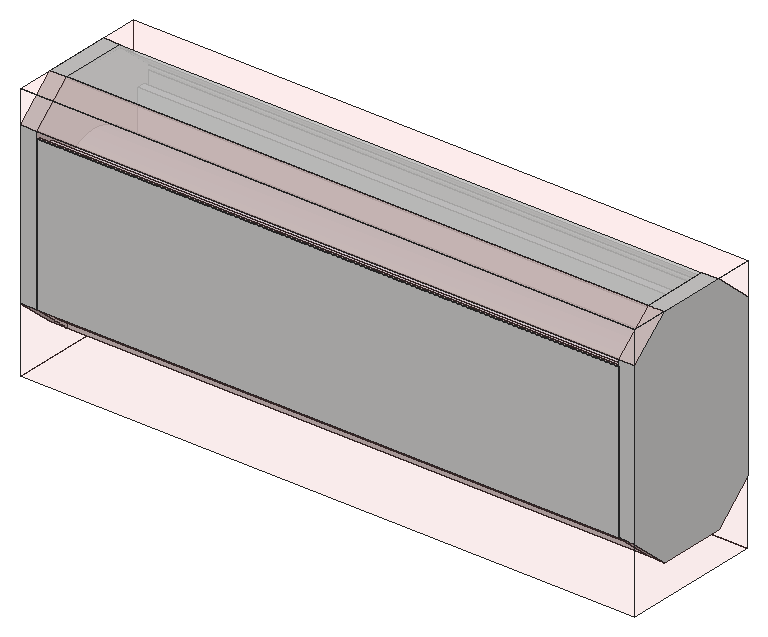
Revit family "Air-Curtain_Customer-Entry_PoweredAire_MP", category Mechanical Equipment, host Face, Revit 2023
Family settings
  Host = Face
  Round Connector Dimension = Use Diameter
  Part Type = Normal
  OmniClass Number = 23.75.35.17.21
  OmniClass Title = Air Curtains
  Cut with Voids When Loaded = No
  Maintain Annotation Orientation = No
  Shared = No
  Room Calculation Point = No
Parameters
  Warranty Duration (Years) = 0
  Unit Width Notes = "Other Widths available."  # constant formula
  Unit Width = 3' - 1"
  Unit Weight = 0
  Unit Height = 0' - 8 1/2"
  Unit Depth = 1' - 1 1/2"
  URL = "http://www.poweredaire.com/"
  Test Data = ""
  Standards Conformance = "as Specified"
  Specification = "http://www.arcat.com/sdspecs/htm04/23_34_33pai.htm"
  SpecWizard = ""
  Sound Pressure = "as Specified"
  Sales Information = "http://www.poweredaire.com/contact_us"
  Revision = "R1_2016-08"
  Projection from Host [instance] = 0' - 2"
  Product Properties = ""
  Product Data = "http://www.arcat.com/arcatcos/cos47/arc47623.html"
  Power Rating = 0 W
  Nozzle Width = if(1 = 1, Unit Width - 0' 2", 0' 0")  # 2' - 11"
  Mounting Width = if(1 = 1, Unit Width - 0' 1", 0' 0")  # 3' - 0"
  Mounting Height [instance] = 3' - 6"
  Motor RPM = 0
  Motor HP = 0
  Motor Count = 0
  Model = "As Specified"
  Max Height = 0' - 0"
  Manufacturer Website = "http://www.poweredaire.com/"
  Manufacturer Phone - Toll Free = "888-321-2473"
  Manufacturer Phone = "724-588-3305"
  Manufacturer Fax = "724-588-3371"
  Manufacturer Address = "109 Mortensen Rd.  Greenville, PA 16125"
  Manufacturer = "Powered Aire, Inc"
  Maintenance Schedule (Months) = 0
  Keynote = "23 34 33"
  Installation-Fabrication = ""
  Installation Phase = ""
  Include Clearance [instance] = yes
  Heating Element Load = 0 W
  HVAC_Temperature Rise = 0 °F
  HVAC_Outlet Volume = 0 CFM
  HVAC_Outlet Velocity Uniformity = 0
  HVAC_Outlet Velocity = 0 FPM
  Green Building-LEED = "http://www.arcat.com/green/clients/leed_data_47623.html"
  Front Grating Material [instance] = Metal - Steel - PoweredAire - Stainless 304 Perforated
  Frame Finish [instance] = Metal - Steel - PoweredAire - Stainless 304
  Expected Lifespan (Years) = 0
  Electrical_Wattage [instance] = Power Rating + Heating Element Load  # 0 W
  Electrical_Voltage [instance] = 0 V
  Electrical_Phase [instance] = 1
  Electrical_Frequency [instance] = 0 Hz
  Electrical_Amperage [instance] = 0 A
  Drawn By = "Sumex Design, Inc. / Robert S. Weygant, CSI, CDT, SCIP"
  Description = "Powered Aire Air Curtain as Specified"
  Default Elevation = 0' - 0"  # constant formula
  Copyright = "©Arcat Inc."
  Construction Details = "http://www.arcat.com/details/powair/prod3336.html"
  Clearance_Top [instance] = 0' - 0"
  Clearance_Side B [instance] = 0' - 0"
  Clearance_Side A [instance] = 0' - 0"
  Clearance_Intake [instance] = 0' - 0"
  Clearance_Bottom [instance] = 0' - 0"
  Clearance Material [instance] = ARCAT Clearance
  Building Codes = ""
  Available Options [instance] = "as Specified"
  Assembly Code = "D3090400"
Reference planes (in)
  plane 1 "Center (Elevation)": y = 0.13818
  plane 2: z = 0
  plane 3 "Center (Left/Right)": x = 0
  plane 4: y = 4.38818
  plane 5: y = -4.11182
  plane 6: x = -18.5
  plane 7: x = 18.5
  plane 8: z = 15.5
  plane 9 "FF": y = -41.86182
  plane 10: z = 2
  plane 11: x = 17.5
  plane 12: x = -17.5
  plane 13: y = 4.38818
  plane 14: y = -4.11182
  plane 15: x = -18.5
  plane 16: x = 18.5
  plane 17: z = 15.5
Forms (in)
  Extrusion 1, solid, material "Metal - Steel - PoweredAire - Stainless 304" <- "Frame Finish"
    sketch origin (0, 0, 0) x (0, 1, 0) y (0, 0, 1)
      loop
        line (2.13818, 2) -> (4.38818, 3.94454) -> (4.38818, 13.55546) -> (2.13818, 15.5) -> (-1.86182, 15.5) -> (-4.11182, 13.55546) -> (-4.11182, 3.94454) -> (-1.86182, 2) -> (2.13818, 2)
    from 17.5 to 18.5
  Extrusion 2, solid, material "Metal - Steel - PoweredAire - Stainless 304" <- "Frame Finish"
    sketch origin (0, 0, 0) x (0, 1, 0) y (0, 0, -1)
      loop
        line (2.13818, -2) -> (-1.86182, -2) -> (-4.11182, -3.94454) -> (-4.11182, -13.55546) -> (-1.86182, -15.5) -> (2.13818, -15.5) -> (4.38818, -13.55546) -> (4.38818, -3.94454) -> (2.13818, -2)
    from 17.5 to 18.5
  Extrusion 3, solid, material "Metal - Steel - PoweredAire - Stainless 304" <- "Frame Finish"
    sketch origin (0, 0, 0) x (0, 1, 0) y (0, 0, 1)
      loop
        line (-1.86182, 2) -> (2.13818, 2) -> (4.38818, 3.94454) -> (4.38818, 13.19454) -> (4.26318, 13.19454) -> (4.26318, 3.99632) -> (2.0979, 2.125) -> (-1.73682, 2.125) -> (-1.73682, 4.06954) -> (-3.98682, 4.06954) -> (-3.98682, 13.19454) -> (-4.11182, 13.19454) -> (-4.11182, 3.94454) -> (-1.86182, 3.94454) -> (-1.86182, 2)
      loop
        line (-3.39819, 3.61034) -> (-2.6202, 2.83235) -> (-2.49472, 2.95783) -> (-3.27271, 3.73583) -> (-3.39819, 3.61034)
    from -17.5 to 17.5
  Extrusion 4, solid, material "Metal - Steel - PoweredAire - Stainless 304 Perforated" <- "Front Grating Material"
    sketch origin (0, 0, 0) x (0, 1, 0) y (0, 0, 1)
      loop
        line (-4.11182, 13.19454) -> (-3.98682, 13.19454) -> (-3.98682, 13.50368) -> (-1.82155, 15.375) -> (2.0979, 15.375) -> (4.26318, 13.50368) -> (4.26318, 13.19454) -> (4.38818, 13.19454) -> (4.38818, 13.55546) -> (2.13818, 15.5) -> (-1.86182, 15.5) -> (-4.11182, 13.55546) -> (-4.11182, 13.19454)
    from -17.5 to 17.5
  Extrusion 5, solid, material "ARCAT Clearance" <- "Clearance Material", visible <- "Include Clearance"
    sketch origin (0, 0, 0) x (0, 1, 0) y (0, 0, 1)
      loop
        line (-4.11182, 15.5) -> (-4.11182, 0) -> (4.38818, 0) -> (4.38818, 15.5) -> (-4.11182, 15.5)
    from -18.5 to 18.5
  Extrusion 6, solid
    sketch origin (0, 0, 0) x (0, 1, 0) y (0, 0, 1)
      loop
        line (-3.59559, 12.66567) -> (-3.59559, 4.66567) -> (-3.09559, 4.66567) -> (-3.09559, 12.66567) -> (-3.59559, 12.66567)
      loop
        circle (0.13818, 9.1356) r 2.75
      loop
        line (3.87195, 12.66567) -> (3.37195, 12.66567) -> (3.37195, 4.66567) -> (3.87195, 4.66567) -> (3.87195, 12.66567)
    from -17.5 to 17.5
Dimensions and locks (in)
  equal spacing: plane 4, plane 1 "Center (Elevation)", plane 5
  "Unit Height": plane 4 to plane 5
  equal spacing: plane 6, plane 3 "Center (Left/Right)", plane 7
  "Unit Width": plane 6 to plane 7
  "Mounting Height": plane 1 "Center (Elevation)" to plane 9 "FF"
  "Projection from Host": plane 10 to level
  "Unit Depth": plane 8 to plane 10
  locked: plane 6 to plane 12 at 1
  locked: plane 11 to plane 7 at 1
  "Clearance_Side A": plane 7 to plane 16
  "Clearance_Side B": plane 15 to plane 6
  "Clearance_Top": plane 13 to plane 4
  "Clearance_Bottom": plane 5 to plane 14
  "Clearance_Intake": plane 17 to plane 8
  aligned and locked: plane 2 to host face
  aligned and locked: level to host face
  aligned and locked: plane 7 to Extrusion 1
  aligned and locked: Extrusion 1 to plane 11
  aligned and locked: plane 12 to Extrusion 2
  aligned and locked: Extrusion 2 to plane 6
  aligned and locked: plane 11 to Extrusion 3
  aligned and locked: Extrusion 3 to plane 12
  aligned and locked: plane 11 to Extrusion 4
  aligned and locked: Extrusion 4 to plane 12
  aligned and locked: Extrusion 5 sketch curve to plane 17
  aligned and locked: plane 14 to Extrusion 5 sketch curve
  aligned and locked: level to Extrusion 5 sketch curve
  aligned and locked: Extrusion 5 sketch curve to plane 13
  aligned and locked: plane 16 to Extrusion 5
  aligned and locked: Extrusion 5 to plane 15
  aligned and locked: plane 11 to Extrusion 6
  aligned and locked: Extrusion 6 to plane 12
Automatic sketch dimensions
  host sketch curve to host sketch curve = 8' - 0"  (x2)
  Extrusion 1 sketch curve to plane 5 = 0' - 0"
  Extrusion 1 sketch curve to plane 8 = 0' - 0"
  Extrusion 1 sketch curve to plane 4 = 0' - 0"
  plane 1 "Center (Elevation)" to Extrusion 1 sketch curve = 0' - 2"
  Extrusion 1 sketch curve to plane 1 "Center (Elevation)" = 0' - 2"  (x2)
  plane 10 to Extrusion 1 sketch curve = 0' - 1.94454"  (x2)
  Extrusion 1 sketch curve to plane 8 = 0' - 1.94454"  (x2)
  plane 5 to Extrusion 1 sketch curve = 0' - 2 1/4"
  Extrusion 1 sketch curve to plane 10 = 0' - 0"
  Extrusion 2 sketch curve to plane 5 = 0' - 0"
  Extrusion 2 sketch curve to plane 8 = 0' - 0"
  Extrusion 2 sketch curve to plane 10 = 0' - 0"
  Extrusion 2 sketch curve to plane 4 = 0' - 0"
  plane 1 "Center (Elevation)" to Extrusion 2 sketch curve = 0' - 2"
  Extrusion 2 sketch curve to plane 1 "Center (Elevation)" = 0' - 2"  (x2)
  Extrusion 2 sketch curve to plane 8 = 0' - 1.94454"  (x2)
  plane 10 to Extrusion 2 sketch curve = 0' - 1.94454"  (x2)
  plane 5 to Extrusion 2 sketch curve = 0' - 2 1/4"
  Extrusion 4 sketch curve to plane 5 = 0' - 0"
  Extrusion 4 sketch curve to plane 8 = 0' - 0"
  Extrusion 4 sketch curve to plane 4 = 0' - 0"
  plane 5 to Extrusion 4 sketch curve = 0' - 0 1/8"
  plane 1 "Center (Elevation)" to Extrusion 4 sketch curve = 0' - 2"
  Extrusion 4 sketch curve to Extrusion 4 sketch curve = 0' - 0.04027"  (x2)
  Extrusion 4 sketch curve to Extrusion 4 sketch curve = 0' - 0 1/8"
  Extrusion 4 sketch curve to plane 8 = 0' - 1.94454"  (x2)
  Extrusion 4 sketch curve to Extrusion 4 sketch curve = 0' - 0.05178"  (x2)
  Extrusion 4 sketch curve to Extrusion 4 sketch curve = 0' - 0.30914"  (x2)
  Extrusion 4 sketch curve to plane 8 = 0' - 0 1/8"
  Extrusion 4 sketch curve to plane 1 "Center (Elevation)" = 0' - 1.95973"
  Extrusion 3 sketch curve to plane 5 = 0' - 0"
  Extrusion 3 sketch curve to plane 4 = 0' - 0"
  plane 5 to Extrusion 3 sketch curve = 0' - 0 1/8"
  plane 5 to Extrusion 3 sketch curve = 0' - 0.71363"
  Extrusion 3 sketch curve to Extrusion 3 sketch curve = 0' - 0.12548"  (x2)
  Extrusion 3 sketch curve to Extrusion 3 sketch curve = 0' - 0.778"
  Extrusion 3 sketch curve to Extrusion 3 sketch curve = 0' - 0.63289"
  Extrusion 3 sketch curve to Extrusion 3 sketch curve = 0' - 0 1/8"  (x2)
  Extrusion 3 sketch curve to plane 4 = 0' - 0 1/8"
  plane 10 to Extrusion 3 sketch curve = 0' - 0.83235"
  Extrusion 3 sketch curve to Extrusion 3 sketch curve = 0' - 0.3342"
  plane 10 to Extrusion 3 sketch curve = 0' - 1.94454"
  Extrusion 3 sketch curve to Extrusion 3 sketch curve = 0' - 0.05178"
  Extrusion 3 sketch curve to plane 8 = 0' - 2.30546"  (x2)
  Extrusion 3 sketch curve to plane 1 "Center (Elevation)" = 0' - 2"
  plane 10 to Extrusion 3 sketch curve = 0' - 0 1/8"
  Extrusion 3 sketch curve to Extrusion 3 sketch curve = 0' - 0.04027"
  Extrusion 3 sketch curve to plane 10 = 0' - 0"
  Extrusion 6 sketch curve to plane 1 "Center (Elevation)" = 0' - 0"
  plane 5 to Extrusion 6 sketch curve = 0' - 1.01623"
  Extrusion 6 sketch curve to Extrusion 6 sketch curve = 0' - 0 1/2"  (x2)
  Extrusion 6 sketch curve to plane 4 = 0' - 1.01623"
  plane 10 to Extrusion 6 sketch curve = 0' - 2.66567"  (x2)
  Extrusion 6 sketch curve to Extrusion 6 sketch curve = 0' - 4.46993"
  Extrusion 6 sketch curve to plane 8 = 0' - 2.83433"  (x2)
  radius of Extrusion 6 sketch curve = 0' - 2 3/4"
Connectors (in)
  electrical at (0, 4.38818, 8.56954), driven by "Electrical_Phase", driven by "Electrical_Voltage"
    settings: on Extrusion 3, index 1, voltage 0 V, apparent load 0 VA, apparent load phase1 0 VA, apparent load phase2 0 VA, apparent load phase3 0 VA, power factor 1, load classification "Motor", number of poles 1, system type 31, power factor state 1, is connector primary yes, connector utility no, sub classification motor no, connector description ""
